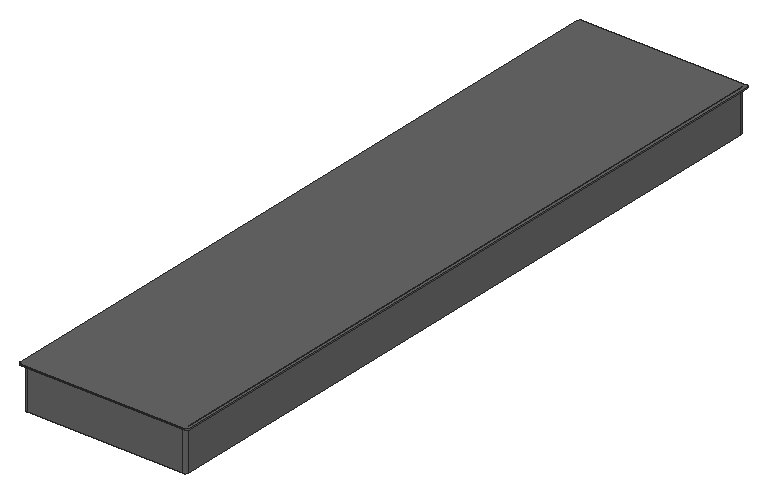
Revit family "Control_Panels-Lutron-DIN_Rail_Panel_Enclosure-Satellite_Panel", category Electrical Equipment, host Face, Revit 2018
Family settings
  Host = Face
  Panel Configuration = Two Columns, Circuits Across
  Round Connector Dimension = Use Radius
  Part Type = Panelboard
  OmniClass Number = 23.80.30.11.17
  OmniClass Title = Distribution Boards and Control Panels
  Cut with Voids When Loaded = No
  Shared = No
  Room Calculation Point = No
Parameters (values of type "PD10-S-ASM")
  Wattage = ""
  Warranty URL = "http://www.lutron.com/en-US/Service-Support/Pages/Service/Warranty/Warranty.aspx"
  Voltage = "120.00 V"
  Video Link = "https://www.youtube.com/user/LutronElectronicsInc"
  Version = "2018 - v1.0a"  # constant formula
  Unit Weight = 0.00 lbf  # constant formula
  URL = "http://www.lutron.com"
  Type Comments = ""
  Support Phone = "(224) 699-9545"  # constant formula
  Support Email = "mailto: support@anguleris.com"
  built-in parameter 1140142 = (empty or 0)
  built-in parameter 1140080 [instance] = (empty or 0)
  Series = "Athena"
  Product Page URL = "https://www.lutron.com/en-US/products/pages/wholebuildingsystems/athena/overview.aspx"
  Product Name = "DIN Rail Panel"
  Product Documentation Link = "https://www.lutron.com/TechnicalDocumentLibrary/3691183_ENG.pdf"
  Power Factor = 1
  Phase = 1
  Performance URL = "http://www.lutron.com/en-US/Service-Support/Pages/Technical/PerfomanceSpecs.aspx"
  Panel Name [instance] = "DIN Rail Panel"
  Overall Width = 15.875"  # constant formula
  Overall Height = 65.000"
  Overall Depth = 3.940"  # constant formula
  Number of Poles = 1
  Neutral Rating = 0.00%
  built-in parameter 1140145 = 1
  built-in parameter 1140081 [instance] = "Surface"
  built-in parameter 1140084 [instance] = (empty or 0)
  Model = "PD10-S-ASM"
  built-in parameter 1140079 [instance] = 1
  Material = ""
  Manufacturer Phone Number = "610-282-3800"  # constant formula
  Manufacturer Fax Number = "610-282-1243"  # constant formula
  Manufacturer Email = "mailto:support@lutron.com"
  Manufacturer Address = "7200 Suter Rd, Coopersburg, PA 18036"  # constant formula
  Manufacturer = "Lutron Electronics Co., Inc"  # constant formula
  Mains Type = ""
  built-in parameter 1140082 [instance] = 1 (stored number, unit not read)
  built-in parameter 1140140 = 1 (stored number, unit not read)
  Load Classification = Power
  Keynote = ""
  Instruction Sheet Link = "http://www.lutron.com/TechnicalDocumentLibrary/032164a.pdf"
  Ground Bus = yes
  Frequency = 50 Hz
  Finish = Steel - Lutron - Black
  Feed Through Note = "120/277 V~ 50/60 Hz 20 A max per circuit"  # constant formula
  Feed Through Control Circuit Voltage = 120 V
  Feed Through Control Circuit Load [instance] = 0 VA
  built-in parameter 1140138 [instance] = "120 V"
  built-in parameter 1140083 [instance] = "65 in (1651 mm) enclosure (10 DPMs)"
  Electrical Potential = 120 V
  Electrical Connector Distance = if([16 Panel Size], 16.000", if([42 Panel Size], 42.000", if([65 Panel Size], 65.000", 16.000")))  # 65.000"
  Description = "Athena QS DIN Rail Panel"
  Default Elevation = 0.000"
  Cost Info = "mailto:custsvc@lutron.com"
  Cost = 0
  Copyright = "© 2021 Lutron Electronics Co., Inc."  # constant formula
  built-in parameter 1140086 [instance] = (empty or 0)
  built-in parameter 1140085 [instance] = (empty or 0)
  built-in parameter 1140087 [instance] = 1
  built-in parameter 1140143 = (empty or 0)
  Breaker Panel Note (Hover Over Value) = "– 120/240 V~ 50/60 Hz (single phase 3-wire)\r\n– 120/208 V~ 50/60 Hz (three phase 4-wire)\r\n– 15 A or 20 A branch breakers\r\n– 125 A main lugs"  # constant formula
  Assembly Code = "D5020"
  65 Panel Size = yes
  42 Panel Size = no
  16 Panel Size = no
Types (3): name | Overall Height | Model | built-in parameter 1140083 | Electrical Connector Distance | 65 Panel Size | 42 Panel Size | 16 Panel Size
  PD2-S-ASM | 16.000" | "PD2-S-ASM" | "16 in (406 mm) enclosure (2 DPMs)" | 16.000" | no | no | yes
  PD6-S-ASM | 42.000" | "PD6-S-ASM" | "42 in (1067 mm) enclosure (6 DPMs)" | 42.000" | no | yes | no
  PD10-S-ASM | 65.000" | "PD10-S-ASM" | "65 in (1651 mm) enclosure (10 DPMs)" | 65.000" | yes | no | no
Reference planes (in)
  plane 1 "Center (Front/Back)": y = 0
  plane 2: z = 0
  plane 3 "Center (Left/Right)": x = 0
  plane 4: z = 3.88
  plane 5: z = 3.94
  plane 6: y = 15.5
  plane 7: x = 7.5625
  plane 8: x = -7.5625
  plane 9: y = -0.25
  plane 10: x = -7.9375
  plane 11: x = 7.9375
  plane 12: y = 15.75
  plane 13: y = 42
  plane 14: y = 42.25
  plane 15: y = 65
  plane 16: y = 65.25
  plane 17: x = -2.51344
  plane 18: x = 6.23656
Forms (in)
  Extrusion 1, solid, material "Steel - Lutron - Black" <- "Finish", visible <- "16 Panel Size"
    sketch origin (-60, -180, 12) x (-1, 0, 0) y (0, -1, 0)
      loop
        arc (-52.77041, -195.5) -> (-52.53501, -195.40249) -> (-52.4375, -195.16709) r 0.33291
        line (-52.4375, -195.16709) -> (-52.4375, -180.33203)
        arc (-52.4375, -180.33203) -> (-52.53475, -180.09725) -> (-52.76953, -180) r 0.33203
        line (-52.76953, -180) -> (-67.23047, -180)
        arc (-67.23047, -180) -> (-67.46525, -180.09725) -> (-67.5625, -180.33203) r 0.33203
        line (-67.5625, -180.33203) -> (-67.5625, -195.16797)
        arc (-67.5625, -195.16797) -> (-67.46525, -195.40275) -> (-67.23047, -195.5) r 0.33203
        line (-67.23047, -195.5) -> (-52.77041, -195.5)
    from -12 to -8.12
  Extrusion 2, solid, material "Steel - Lutron - Black" <- "Finish", visible <- "16 Panel Size"
    sketch origin (-60, -180, 12) x (-1, 0, 0) y (0, -1, 0)
      loop
        arc (-52.39541, -195.75) -> (-52.16001, -195.65249) -> (-52.0625, -195.41709) r 0.33291
        line (-52.0625, -195.41709) -> (-52.0625, -180.08203)
        arc (-52.0625, -180.08203) -> (-52.15975, -179.84725) -> (-52.39453, -179.75) r 0.33203
        line (-52.39453, -179.75) -> (-67.60547, -179.75)
        arc (-67.60547, -179.75) -> (-67.84025, -179.84725) -> (-67.9375, -180.08203) r 0.33203
        line (-67.9375, -180.08203) -> (-67.9375, -195.41797)
        arc (-67.9375, -195.41797) -> (-67.84025, -195.65275) -> (-67.60547, -195.75) r 0.33203
        line (-67.60547, -195.75) -> (-52.39541, -195.75)
    from -8.12 to -8.06
  Extrusion 3, solid, material "Steel - Lutron - Black" <- "Finish", visible <- "42 Panel Size"
    sketch origin (-60, -180, 12) x (-1, 0, 0) y (0, -1, 0)
      loop
        arc (-52.77041, -222) -> (-52.53501, -221.90249) -> (-52.4375, -221.66709) r 0.33291
        line (-52.4375, -221.66709) -> (-52.4375, -180.33203)
        arc (-52.4375, -180.33203) -> (-52.53475, -180.09725) -> (-52.76953, -180) r 0.33203
        line (-52.76953, -180) -> (-67.23047, -180)
        arc (-67.23047, -180) -> (-67.46525, -180.09725) -> (-67.5625, -180.33203) r 0.33203
        line (-67.5625, -180.33203) -> (-67.5625, -221.66797)
        arc (-67.5625, -221.66797) -> (-67.46525, -221.90275) -> (-67.23047, -222) r 0.33203
        line (-67.23047, -222) -> (-52.77041, -222)
    from -12 to -8.12
  Extrusion 4, solid, material "Steel - Lutron - Black" <- "Finish", visible <- "42 Panel Size"
    sketch origin (-60, -180, 12) x (-1, 0, 0) y (0, -1, 0)
      loop
        arc (-52.39541, -222.25) -> (-52.16001, -222.15249) -> (-52.0625, -221.91709) r 0.33291
        line (-52.0625, -221.91709) -> (-52.0625, -180.08203)
        arc (-52.0625, -180.08203) -> (-52.15975, -179.84725) -> (-52.39453, -179.75) r 0.33203
        line (-52.39453, -179.75) -> (-67.60547, -179.75)
        arc (-67.60547, -179.75) -> (-67.84025, -179.84725) -> (-67.9375, -180.08203) r 0.33203
        line (-67.9375, -180.08203) -> (-67.9375, -221.91797)
        arc (-67.9375, -221.91797) -> (-67.84025, -222.15275) -> (-67.60547, -222.25) r 0.33203
        line (-67.60547, -222.25) -> (-52.39541, -222.25)
    from -8.12 to -8.06
  Extrusion 5, solid, material "Steel - Lutron - Black" <- "Finish", visible <- "65 Panel Size"
    sketch origin (-59.66797, -180, 12) x (-1, 0, 0) y (0, -1, 0)
      loop
        arc (-52.43838, -245) -> (-52.20298, -244.90249) -> (-52.10547, -244.66709) r 0.33291
        line (-52.10547, -244.66709) -> (-52.10547, -180.33203)
        arc (-52.10547, -180.33203) -> (-52.20272, -180.09725) -> (-52.4375, -180) r 0.33203
        line (-52.4375, -180) -> (-66.89844, -180)
        arc (-66.89844, -180) -> (-67.13322, -180.09725) -> (-67.23047, -180.33203) r 0.33203
        line (-67.23047, -180.33203) -> (-67.23047, -244.66797)
        arc (-67.23047, -244.66797) -> (-67.13322, -244.90275) -> (-66.89844, -245) r 0.33203
        line (-66.89844, -245) -> (-52.43838, -245)
    from -12 to -8.12
  Extrusion 6, solid, material "Steel - Lutron - Black" <- "Finish", visible <- "65 Panel Size"
    sketch origin (-60, -180, 12) x (-1, 0, 0) y (0, -1, 0)
      loop
        arc (-52.39541, -245.25) -> (-52.16001, -245.15249) -> (-52.0625, -244.91709) r 0.33291
        line (-52.0625, -244.91709) -> (-52.0625, -180.08203)
        arc (-52.0625, -180.08203) -> (-52.15975, -179.84725) -> (-52.39453, -179.75) r 0.33203
        line (-52.39453, -179.75) -> (-67.60547, -179.75)
        arc (-67.60547, -179.75) -> (-67.84025, -179.84725) -> (-67.9375, -180.08203) r 0.33203
        line (-67.9375, -180.08203) -> (-67.9375, -244.91797)
        arc (-67.9375, -244.91797) -> (-67.84025, -245.15275) -> (-67.60547, -245.25) r 0.33203
        line (-67.60547, -245.25) -> (-52.39541, -245.25)
    from -8.12 to -8.06
Lines and regions (in)
  Masking region 1, detail levels medium+fine
    outline origin (0, 0, 0) x (1, 0, 0) y (0, 0, 1)
      loop
        line (7.9375, 3.88) -> (7.9375, 3.94) -> (-7.9375, 3.94) -> (-7.9375, 3.88) -> (-7.5625, 3.88) -> (-7.5625, 0) -> (7.5625, 0) -> (7.5625, 3.88) -> (7.9375, 3.88)
  Split face 1
    outline origin (-60, -180, 3.94) x (-1, 0, 0) y (0, -1, 0)
      loop
        line (-53.23083, -194.42031) -> (-53.23083, -190.67031) -> (-66.76917, -190.67031) -> (-66.76917, -194.42031) -> (-53.23083, -194.42031)
  Split face 2
    outline origin (-60, -180, 3.94) x (-1, 0, 0) y (0, -1, 0)
      loop
        line (-66.71895, -186.26554) -> (-66.71895, -187.26554) -> (-56.98947, -187.26554) -> (-56.98947, -186.26554) -> (-66.71895, -186.26554)
  Split face 3
    outline origin (-60, -180, 3.94) x (-1, 0, 0) y (0, -1, 0)
      loop
        line (-56.98947, -181.58092) -> (-56.98947, -180.58092) -> (-66.76917, -180.58092) -> (-66.76917, -181.58092) -> (-56.98947, -181.58092)
  Split face 4
    outline origin (-60, -180, 3.94) x (-1, 0, 0) y (0, -1, 0)
      loop
        arc (-52.73725, -192.75706) -> (-52.64154, -193.03281) -> (-52.53993, -192.75918) r 0.15507
        arc (-52.53993, -192.75918) -> (-52.63461, -192.38833) -> (-52.73725, -192.75706) r 0.19807
  Split face 5
    outline origin (-60, -180, 3.94) x (-1, 0, 0) y (0, -1, 0)
      loop
        arc (-67.46007, -192.75918) -> (-67.35846, -193.03281) -> (-67.26275, -192.75706) r 0.15507
        arc (-67.26275, -192.75706) -> (-67.36539, -192.38833) -> (-67.46007, -192.75918) r 0.19807
  Split face 6
    outline origin (-60, -180, 3.94) x (-1, 0, 0) y (0, -1, 0)
      loop
        circle (-52.63987, -182.12774) r 0.15507
  Split face 7
    outline origin (-60, -180, 3.94) x (-1, 0, 0) y (0, -1, 0)
      loop
        circle (-67.36013, -182.12774) r 0.15507
  Split face 8
    outline origin (-60, -180, 3.94) x (-1, 0, 0) y (0, -1, 0)
      loop
        line (-66.23656, -221.51784) -> (-53.6875, -221.51784) -> (-53.6875, -217.51784) -> (-66.23656, -217.51784) -> (-66.23656, -221.51784)
  Split face 9
    outline origin (-60, -180, 3.94) x (-1, 0, 0) y (0, -1, 0)
      loop
        line (-57.48656, -201.21465) -> (-57.48656, -200.1944) -> (-66.23656, -200.1944) -> (-66.23656, -201.21465) -> (-57.48656, -201.21465)
  Split face 10
    outline origin (-60, -180, 3.94) x (-1, 0, 0) y (0, -1, 0)
      loop
        line (-57.48656, -194.32054) -> (-66.23656, -194.32054) -> (-66.23656, -195.34079) -> (-57.48656, -195.34079) -> (-57.48656, -194.32054)
  Split face 11
    outline origin (-60, -180, 3.94) x (-1, 0, 0) y (0, -1, 0)
      loop
        line (-53.6875, -180.58092) -> (-66.3125, -180.58092) -> (-66.3125, -184.5) -> (-53.6875, -184.5) -> (-53.6875, -180.58092)
  Split face 12
    outline origin (-60, -180, 3.94) x (-1, 0, 0) y (0, -1, 0)
      loop
        line (-52.95289, -193.45) -> (-52.95289, -180.3)
        arc (-52.95289, -180.3) -> (-53.04076, -180.08787) -> (-53.25289, -180) r 0.3
        line (-53.25289, -180) -> (-66.74711, -180)
        arc (-66.74711, -180) -> (-66.95924, -180.08787) -> (-67.04711, -180.3) r 0.3
        line (-67.04711, -180.3) -> (-67.04711, -193.45)
        arc (-67.04711, -193.45) -> (-66.95924, -193.66213) -> (-66.74711, -193.75) r 0.3
        line (-66.74711, -193.75) -> (-53.25289, -193.75)
        arc (-53.25289, -193.75) -> (-53.04076, -193.66213) -> (-52.95289, -193.45) r 0.3
  Split face 13
    outline origin (-60, -180, 3.94) x (-1, 0, 0) y (0, -1, 0)
      loop
        circle (-52.63428, -197.97545) r 0.2089
  Split face 14
    outline origin (-60, -180, 3.94) x (-1, 0, 0) y (0, -1, 0)
      loop
        circle (-67.36572, -197.97545) r 0.2089
  Split face 15
    outline origin (-60, -180, 3.94) x (-1, 0, 0) y (0, -1, 0)
      loop
        circle (-52.63428, -182.12778) r 0.2089
  Split face 16
    outline origin (-60, -180, 3.94) x (-1, 0, 0) y (0, -1, 0)
      loop
        circle (-67.36572, -182.12778) r 0.2089
  Split face 17
    outline origin (-60, -180, 3.94) x (-1, 0, 0) y (0, -1, 0)
      loop
        line (-66.23656, -244.45116) -> (-53.6875, -244.45116) -> (-53.6875, -240.70116) -> (-66.23656, -240.70116) -> (-66.23656, -244.45116)
  Split face 18
    outline origin (-60, -180, 3.94) x (-1, 0, 0) y (0, -1, 0)
      loop
        line (-66.23656, -225.16944) -> (-57.48656, -225.16944) -> (-57.48656, -224.16944) -> (-66.23656, -224.16944) -> (-66.23656, -225.16944)
  Split face 19
    outline origin (-60, -180, 3.94) x (-1, 0, 0) y (0, -1, 0)
      loop
        line (-57.48656, -219.14246) -> (-57.48656, -218.14246) -> (-66.23656, -218.14246) -> (-66.23656, -219.14246) -> (-57.48656, -219.14246)
  Split face 20
    outline origin (-60, -180, 3.94) x (-1, 0, 0) y (0, -1, 0)
      loop
        line (-57.48656, -213.11548) -> (-57.48656, -212.11548) -> (-66.23656, -212.11548) -> (-66.23656, -213.11548) -> (-57.48656, -213.11548)
  Split face 21
    outline origin (-60, -180, 3.94) x (-1, 0, 0) y (0, -1, 0)
      loop
        line (-57.48656, -207.10313) -> (-57.48656, -206.10313) -> (-66.23656, -206.10313) -> (-66.23656, -207.10313) -> (-57.48656, -207.10313)
  Split face 22
    outline origin (-60, -180, 3.94) x (-1, 0, 0) y (0, -1, 0)
      loop
        line (-57.48656, -201.07616) -> (-57.48656, -200.07616) -> (-66.23656, -200.07616) -> (-66.23656, -201.07616) -> (-57.48656, -201.07616)
  Split face 23
    outline origin (-60, -180, 3.94) x (-1, 0, 0) y (0, -1, 0)
      loop
        line (-57.48656, -195.32616) -> (-57.48656, -194.32616) -> (-66.23656, -194.32616) -> (-66.23656, -195.32616) -> (-57.48656, -195.32616)
  Split face 24
    outline origin (-60, -180, 3.94) x (-1, 0, 0) y (0, -1, 0)
      loop
        line (-53.6875, -184.5) -> (-53.6875, -180.58092) -> (-66.23656, -180.58092) -> (-66.23656, -184.5) -> (-53.6875, -184.5)
  Masking region 2, detail levels coarse
    outline origin (0, 0, 0) x (1, 0, 0) y (0, 0, 1)
      loop
        line (-7.9375, 3.94) -> (-7.9375, 0) -> (7.9375, 0) -> (7.9375, 3.94) -> (-7.9375, 3.94)
  Split face 25
    outline origin (-60, -180, 3.94) x (-1, 0, 0) y (0, -1, 0)
      loop
        line (-57.48656, -207.08851) -> (-57.48656, -206.06826) -> (-66.23656, -206.06826) -> (-66.23656, -207.08851) -> (-57.48656, -207.08851)
  Split face 26
    outline origin (-60, -180, 3.94) x (-1, 0, 0) y (0, -1, 0)
      loop
        line (-57.48656, -212.96237) -> (-57.48656, -211.94212) -> (-66.23656, -211.94212) -> (-66.23656, -212.96237) -> (-57.48656, -212.96237)
  Split face 27
    outline origin (-60, -180, 3.94) x (-1, 0, 0) y (0, -1, 0)
      loop
        arc (-53.31836, -193.68654) -> (-53.14159, -193.61331) -> (-53.06836, -193.43654) r 0.25
        line (-53.06836, -193.43654) -> (-53.06836, -180.25)
        arc (-53.06836, -180.25) -> (-53.14159, -180.07322) -> (-53.31836, -180) r 0.25
        line (-53.31836, -180) -> (-66.91742, -180)
        arc (-66.91742, -180) -> (-67.0942, -180.07322) -> (-67.16742, -180.25) r 0.25
        line (-67.16742, -180.25) -> (-67.16742, -193.43654)
        arc (-67.16742, -193.43654) -> (-67.0942, -193.61331) -> (-66.91742, -193.68654) r 0.25
        line (-66.91742, -193.68654) -> (-53.31836, -193.68654)
  Split face 28
    outline origin (-60, -180, 3.94) x (-1, 0, 0) y (0, -1, 0)
      loop
        line (-57.48656, -231.19642) -> (-57.48656, -230.19642) -> (-66.23656, -230.19642) -> (-66.23656, -231.19642) -> (-57.48656, -231.19642)
  Split face 29
    outline origin (-60, -180, 3.94) x (-1, 0, 0) y (0, -1, 0)
      loop
        line (-57.48656, -237.2234) -> (-57.48656, -236.2234) -> (-66.23656, -236.2234) -> (-66.23656, -237.2234) -> (-57.48656, -237.2234)
  symbolic lines, detail levels fine
    curve 1: line (7.5625, 0, 3.88) -> (-7.5625, 0, 3.88)
  reference lines
    curve 2: line (0.00044, 65, 2.17) -> (33.25044, 65, 2.17)
Dimensions and locks (in)
  host sketch curve to plane 3 "Center (Left/Right)" = 48.000"  (x2)
  locked: host sketch curve to plane 3 "Center (Left/Right)" at 48  (x22)
  locked: host sketch curve to plane 1 "Center (Front/Back)" at 49.60406  (x11)
  host sketch curve to plane 1 "Center (Front/Back)" = 49.60406"
  locked: host sketch curve to plane 1 "Center (Front/Back)" at 48  (x11)
  host sketch curve to plane 1 "Center (Front/Back)" = 48.000"
  locked: Extrusion 1 sketch curve to plane 1 "Center (Front/Back)" at 0.33203  (x2)
  plane 8 to plane 7 = 15.125"
  plane 10 to plane 11 = 15.875"
  plane 1 "Center (Front/Back)" to plane 6 = 15.500"
  plane 9 to plane 12 = 16.000"
  locked: plane 1 "Center (Front/Back)" to plane 13 at 42
  locked: plane 1 "Center (Front/Back)" to plane 15 at 65
  "Electrical Connector Distance": plane 1 "Center (Front/Back)" to curve 2
  Extrusion 6 sketch curve to plane 1 "Center (Front/Back)" to Extrusion 6 sketch curve = 0.250" locked, 65.250" locked
  Extrusion 6 sketch curve to plane 3 "Center (Left/Right)" to Extrusion 6 sketch curve = 7.9375" locked, 7.9375" locked
  plane 1 "Center (Front/Back)" to Extrusion 5 sketch curve to Extrusion 5 sketch curve = 0.000" locked, 65.000" locked
  Extrusion 5 sketch curve to plane 3 "Center (Left/Right)" to Extrusion 5 sketch curve = 7.5625" locked, 7.5625" locked
  Extrusion 4 sketch curve to plane 3 "Center (Left/Right)" to Extrusion 4 sketch curve = 7.9375" locked, 7.9375" locked
  Extrusion 3 sketch curve to plane 3 "Center (Left/Right)" to Extrusion 3 sketch curve = 7.5625" locked, 7.5625" locked
  plane 1 "Center (Front/Back)" to Extrusion 3 sketch curve to Extrusion 3 sketch curve = 0.000" locked, 42.000" locked
  Extrusion 2 sketch curve to plane 1 "Center (Front/Back)" to Extrusion 2 sketch curve = 0.250" locked, 15.750" locked
  Extrusion 2 sketch curve to plane 3 "Center (Left/Right)" to Extrusion 2 sketch curve = 7.9375" locked, 7.9375" locked
  Extrusion 1 sketch curve to plane 3 "Center (Left/Right)" to Extrusion 1 sketch curve = 7.5625" locked, 7.5625" locked
  plane 1 "Center (Front/Back)" to Extrusion 1 sketch curve to Extrusion 1 sketch curve = 0.000" locked, 15.500" locked
  locked: plane 13 to plane 14 at 0.25
  locked: plane 15 to plane 16 at 0.25
  locked: plane 5 to plane 4 at 0.06
  locked: plane 5 to level at 3.94
  Extrusion 4 sketch curve to plane 1 "Center (Front/Back)" to Extrusion 4 sketch curve to Extrusion 4 sketch curve to Extrusion 4 sketch curve to Extrusion 4 sketch curve to Extrusion 4 sketch curve = 0.250" locked, 0.08203" locked, 0.000" locked, 41.83506" locked, 0.00088" locked, 0.33203" locked
  aligned and locked: plane 2 to host face
  aligned and locked: level to host face
  aligned and locked: plane 11 to Masking region 2 sketch curve
  aligned and locked: Masking region 2 sketch curve to plane 5
  aligned and locked: plane 10 to Masking region 2 sketch curve
  aligned and locked: plane 2 to Masking region 2 sketch curve
  aligned and locked: Extrusion 5 to plane 4
  aligned and locked: plane 4 to Extrusion 1
  aligned and locked: plane 4 to Extrusion 3
  aligned and locked: Extrusion 6 to plane 5
  aligned and locked: Extrusion 6 to plane 4
  aligned and locked: plane 5 to Extrusion 4
  aligned and locked: Extrusion 4 to plane 4
  aligned and locked: plane 5 to Extrusion 2
  aligned and locked: Extrusion 2 to plane 4
  aligned and locked: Extrusion 1 to level
  aligned and locked: Extrusion 3 to level
  aligned and locked: Extrusion 5 to level
Automatic sketch dimensions
  curve 1 to plane 4 = 0.000"
  curve 1 to plane 8 = 0.000"
  plane 7 to curve 1 = 0.000"
  Masking region 1 sketch curve to plane 4 = 0.000"  (x2)
  Masking region 1 sketch curve to plane 10 = 0.000"
  Masking region 1 sketch curve to level = 0.000"
  Masking region 1 sketch curve to plane 8 = 0.000"
  plane 7 to Masking region 1 sketch curve = 0.000"
  Masking region 1 sketch curve to plane 5 = 0.000"
  plane 11 to Masking region 1 sketch curve = 0.000"
  Extrusion 1 sketch curve to plane 1 "Center (Front/Back)" = 0.33203"
  plane 7 to Extrusion 1 sketch curve = 0.33203"
  Extrusion 1 sketch curve to Extrusion 1 sketch curve = 0.33291"
  plane 8 to Extrusion 1 sketch curve = 0.33203"
  Extrusion 2 sketch curve to plane 7 = 0.04297"  (x2)
  Extrusion 2 sketch curve to plane 8 = 0.04209"
  Extrusion 2 sketch curve to plane 8 = 0.04297"
  Extrusion 5 sketch curve to plane 1 "Center (Front/Back)" = 0.33203"
  plane 7 to Extrusion 5 sketch curve = 0.33203"
  Extrusion 5 sketch curve to Extrusion 5 sketch curve = 0.33291"
  plane 8 to Extrusion 5 sketch curve = 0.33203"
  Extrusion 6 sketch curve to plane 7 = 0.04297"  (x2)
  Extrusion 6 sketch curve to plane 8 = 0.04209"
  Extrusion 6 sketch curve to plane 8 = 0.04297"
  Split face 1 sketch curve to Extrusion 2 = 1.16833"  (x2)
  Split face 1 sketch curve to Extrusion 2 = 1.32969"
  Split face 1 sketch curve to Split face 1 sketch curve = 3.750"
  Split face 2 sketch curve to Extrusion 2 = 1.21855"
  Split face 2 sketch curve to Extrusion 2 = 4.92697"
  Split face 2 sketch curve to Extrusion 2 = 8.48446"
  Split face 2 sketch curve to Split face 2 sketch curve = 1.000"
  Split face 3 sketch curve to Extrusion 2 = 1.16833"
  Split face 3 sketch curve to Extrusion 2 = 4.92697"
  Split face 3 sketch curve to Extrusion 2 = 1.83092"
  Split face 3 sketch curve to Extrusion 2 = 0.83092"
  Split face 4 sketch curve to Extrusion 2 = 0.57737"
  Split face 4 sketch curve to Split face 4 sketch curve = 0.00313"
  Split face 4 sketch curve to Extrusion 2 = 2.87226"
  Split face 4 sketch curve to Split face 4 sketch curve = 0.29136"
  Split face 4 sketch curve to Split face 4 sketch curve = 0.09737"
  Split face 4 sketch curve to Split face 4 sketch curve = 0.09995"
  Split face 5 sketch curve to Extrusion 2 = 0.57424"
  Split face 5 sketch curve to Split face 5 sketch curve = 0.00313"
  Split face 5 sketch curve to Extrusion 2 = 2.87226"
  Split face 5 sketch curve to Split face 5 sketch curve = 0.29136"
  Split face 5 sketch curve to Split face 5 sketch curve = 0.09995"
  Split face 5 sketch curve to Split face 5 sketch curve = 0.09737"
  Split face 6 sketch curve to Extrusion 2 = 0.57737"
  Split face 6 sketch curve to Extrusion 2 = 2.37774"
  Split face 7 sketch curve to Split face 7 sketch curve = 0.000"  (x2)
  Split face 7 sketch curve to Extrusion 2 = 0.57737"
  Split face 7 sketch curve to Extrusion 2 = 2.37774"
  Split face 7 sketch curve to Split face 7 sketch curve = 0.15507"
  Split face 13 sketch curve to Extrusion 4 = 0.57178"
  Split face 13 sketch curve to Extrusion 4 = 18.22545"
  Split face 14 sketch curve to Split face 14 sketch curve = 0.000"  (x2)
  Split face 14 sketch curve to Extrusion 4 = 0.57178"
  Split face 14 sketch curve to Extrusion 4 = 18.22545"
  Split face 14 sketch curve to Split face 14 sketch curve = 0.2089"
  Split face 15 sketch curve to Split face 15 sketch curve = 0.000"  (x2)
  Split face 15 sketch curve to Extrusion 4 = 0.57178"
  Split face 15 sketch curve to Extrusion 4 = 2.37778"
  Split face 15 sketch curve to Split face 15 sketch curve = 0.2089"
  Split face 16 sketch curve to Split face 16 sketch curve = 0.000"  (x2)
  Split face 16 sketch curve to Extrusion 4 = 0.57178"
  Split face 16 sketch curve to Extrusion 4 = 2.37778"
  Split face 16 sketch curve to Split face 16 sketch curve = 0.2089"
  Split face 22 sketch curve to Extrusion 6 = 1.70094"
  Split face 22 sketch curve to Extrusion 6 = 5.42406"
  Split face 22 sketch curve to Extrusion 6 = 21.32616"
  Split face 22 sketch curve to Split face 22 sketch curve = 1.000"
  Split face 23 sketch curve to Extrusion 6 = 1.70094"
  Split face 23 sketch curve to Extrusion 6 = 5.42406"
  Split face 23 sketch curve to Extrusion 6 = 15.57616"
  Split face 23 sketch curve to Split face 23 sketch curve = 1.000"
  Extrusion 3 sketch curve to plane 1 "Center (Front/Back)" = 0.33203"
  plane 7 to Extrusion 3 sketch curve = 0.33203"
  Extrusion 3 sketch curve to Extrusion 3 sketch curve = 0.33291"
  plane 8 to Extrusion 3 sketch curve = 0.33203"
  Split face 12 sketch curve to Extrusion 4 = 0.89039"
  Split face 12 sketch curve to Split face 12 sketch curve = 0.300"  (x3)
  Split face 12 sketch curve to Extrusion 4 = 1.19039"  (x2)
  Split face 12 sketch curve to Extrusion 4 = 0.250"
  Split face 12 sketch curve to Split face 12 sketch curve = 13.150"
  Split face 11 sketch curve to Extrusion 4 = 1.625"  (x2)
  Split face 11 sketch curve to Extrusion 4 = 4.750"
  Split face 11 sketch curve to Extrusion 4 = 0.83092"
  Split face 10 sketch curve to Extrusion 4 = 1.70094"
  Split face 10 sketch curve to Extrusion 4 = 5.42406"
  Split face 10 sketch curve to Extrusion 4 = 15.59079"
  Split face 10 sketch curve to Split face 10 sketch curve = 1.02024"
  Split face 9 sketch curve to Extrusion 4 = 1.70094"
  Split face 9 sketch curve to Extrusion 4 = 5.42406"
  Split face 9 sketch curve to Extrusion 4 = 21.03535"
  Split face 9 sketch curve to Split face 9 sketch curve = 1.02024"
  Split face 8 sketch curve to Extrusion 4 = 1.70094"
  Split face 8 sketch curve to Extrusion 4 = 1.625"
  Split face 8 sketch curve to Extrusion 4 = 0.73216"
  Split face 8 sketch curve to Split face 8 sketch curve = 4.000"
  Split face 25 sketch curve to Extrusion 4 = 1.70094"
  Split face 25 sketch curve to Extrusion 4 = 5.42406"
  Split face 25 sketch curve to Extrusion 4 = 15.16149"
  Split face 25 sketch curve to Split face 25 sketch curve = 1.02024"
  Split face 26 sketch curve to Extrusion 4 = 1.70094"
  Split face 26 sketch curve to Extrusion 4 = 5.42406"
  Split face 26 sketch curve to Extrusion 4 = 9.28763"
  Split face 26 sketch curve to Split face 26 sketch curve = 1.02024"
  Split face 27 sketch curve to Extrusion 6 = 0.500"
  Split face 27 sketch curve to Extrusion 6 = 0.77008"
  Split face 27 sketch curve to Split face 27 sketch curve = 0.250"  (x3)
  Split face 27 sketch curve to Extrusion 6 = 1.25586"  (x2)
  Split face 27 sketch curve to Split face 27 sketch curve = 13.18654"
  Split face 21 sketch curve to Extrusion 6 = 1.70094"
  Split face 21 sketch curve to Extrusion 6 = 5.42406"
  Split face 21 sketch curve to Extrusion 6 = 27.35313"
  Split face 21 sketch curve to Split face 21 sketch curve = 1.000"
  Split face 20 sketch curve to Extrusion 6 = 1.70094"
  Split face 20 sketch curve to Extrusion 6 = 5.42406"
  Split face 20 sketch curve to Extrusion 6 = 33.36548"
  Split face 20 sketch curve to Split face 20 sketch curve = 1.000"
  Split face 19 sketch curve to Extrusion 6 = 1.70094"
  Split face 19 sketch curve to Extrusion 6 = 5.42406"
  Split face 19 sketch curve to Extrusion 6 = 26.10754"
  Split face 19 sketch curve to Split face 19 sketch curve = 1.000"
  Split face 24 sketch curve to Extrusion 6 = 1.70094"
  Split face 24 sketch curve to Extrusion 6 = 1.625"
  Split face 24 sketch curve to Extrusion 6 = 4.750"
  Split face 24 sketch curve to Extrusion 6 = 0.83092"
  Split face 18 sketch curve to Extrusion 6 = 1.70094"
  Split face 18 sketch curve to Extrusion 6 = 5.42406"
  Split face 18 sketch curve to Extrusion 6 = 20.08056"
  Split face 18 sketch curve to Split face 18 sketch curve = 1.000"
  Split face 17 sketch curve to Extrusion 6 = 1.70094"
  Split face 17 sketch curve to Extrusion 6 = 1.625"
  Split face 17 sketch curve to Extrusion 6 = 0.79884"
  Split face 17 sketch curve to Split face 17 sketch curve = 3.750"
  Split face 28 sketch curve to Extrusion 6 = 1.70094"
  Split face 28 sketch curve to Extrusion 6 = 5.42406"
  Split face 28 sketch curve to Extrusion 6 = 14.05358"
  Split face 28 sketch curve to Split face 28 sketch curve = 1.000"
  Split face 29 sketch curve to Extrusion 6 = 1.70094"
  Split face 29 sketch curve to Extrusion 6 = 5.42406"
  Split face 29 sketch curve to Extrusion 6 = 8.0266"
  Split face 29 sketch curve to Split face 29 sketch curve = 1.000"
  curve 2 to plane 11 = 25.31294"
  plane 3 "Center (Left/Right)" to curve 2 = 0.00044"
  radius of Split face 6 sketch curve = 0.15507"
  radius of Split face 13 sketch curve = 0.2089"
Connectors (in)
  electrical at (-7.5625, 7.74956, 1.94), driven by "Feed Through Control Circuit Load", driven by "Load Classification", driven by "Electrical Potential", driven by "Feed Through Control Circuit Load", driven by "Number of Poles", driven by "Power Factor"
    settings: on Extrusion 1, index 3, voltage 120 V, apparent load 0 VA, apparent load phase1 0 VA, apparent load phase2 0 VA, apparent load phase3 0 VA, power factor 1, load classification "Power", number of poles 1, system type 30, power factor state 1, is connector primary yes, connector utility no, sub classification motor no, connector description "Feed Through Control Circuit Connection"
  electrical at (0.00044, 65, 2.17), driven by "Number of Poles", driven by "Load Classification", driven by "Electrical Potential", driven by "Feed Through Control Circuit Load", driven by "Power Factor"
    settings: on curve 2, index 4, voltage 120 V, apparent load 0 VA, apparent load phase1 0 VA, apparent load phase2 0 VA, apparent load phase3 0 VA, power factor 1, load classification "Power", number of poles 1, system type 31, power factor state 1, is connector primary no, connector utility no, sub classification motor no, connector description "Power Connection"
